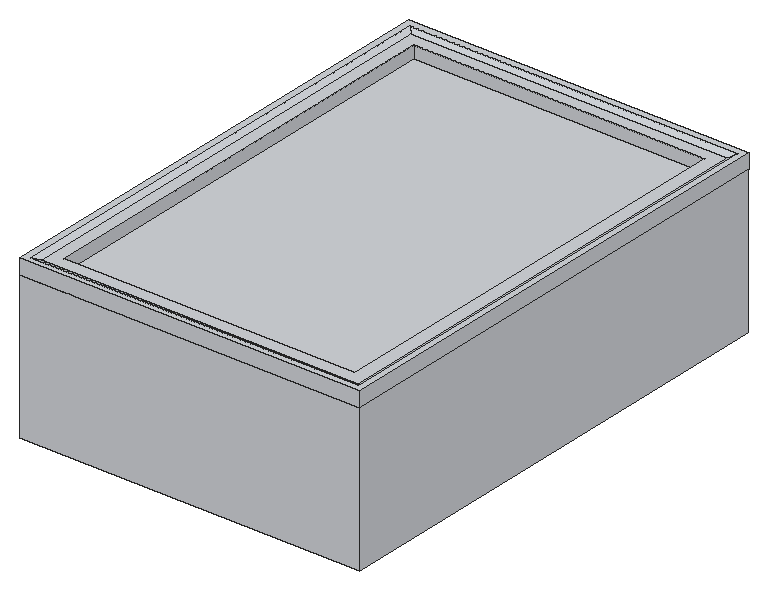
Revit family "5ff32dd08a9a4e3a9eee71a1dc9530ed", category Generic Models, host Face, Revit 2021
Family settings
  Host = Face
  Can host rebar = No
  Round Connector Dimension = Use Diameter
  Part Type = Normal
  Cut with Voids When Loaded = No
  Shared = Yes
  Room Calculation Point = No
Parameters (values of type "Standard")
  Trim Width = 0' - 2"
  Trim Thickness = 0' - 1 1/4"
  Trim Material [instance] = none
  Opening Width [instance] = 2' - 0"
  Opening Height [instance] = 3' - 0"
  Default Elevation = 4' - 0"
Reference planes (in)
  plane 1 "Center (Front/Back)": y = 0
  plane 2: z = 0
  plane 3 "Center (Left/Right)": x = 0
  plane 4: y = 2
  plane 5 "Left": x = -12
  plane 6 "Right": x = 12
  plane 7 "Bottom": y = -36
  plane 8: x = 14
  plane 9 "1": x = -14
  plane 10: z = 1.25
  plane 11: x = 14.5
  plane 12: x = -14.5
  plane 13: y = -18
  plane 14: z = 0.8125
  plane 15: z = 1.03125
  plane 16: x = -12.5
  plane 17: x = -13
  plane 18: x = -13.5
Forms (in)
  Extrusion 1, solid
    sketch origin (0, 0, 0) x (1, 0, 0) y (0, 1, 0)
      loop
        line (-14, 2) -> (-14, -38) -> (14, -38) -> (14, 2) -> (-14, 2)
    from 0 to -12
  Sweep 2, solid, material <- "Trim Material"
    path origin (0, 0, 0) x (1, 0, 0) y (0, 1, 0)
      loop
        line (-12, 0) -> (-12, -36) -> (12, -36) -> (12, 0) -> (-12, 0)
    profile origin (-12, -18, 0) x (1, 0, 0) y (0, 0, 1)
      loop
        line (0, 0) -> (0, 1.03125) -> (-1, 1.03125) -> (-1.5, 1.25) -> (-2, 1.25) -> (-2, 0) -> (0, 0)
Dimensions and locks (in)
  equal spacing: plane 5 "Left", plane 3 "Center (Left/Right)", plane 6 "Right"
  "Opening Width": plane 5 "Left" to plane 6 "Right"
  "Opening Height": plane 7 "Bottom" to plane 1 "Center (Front/Back)"
  "Trim Width": plane 9 "1" to plane 5 "Left"
  "Trim Width": plane 6 "Right" to plane 8
  "Trim Width": plane 1 "Center (Front/Back)" to plane 4
  plane 12 to plane 9 "1" = 0' - 0 1/2"
  locked: plane 8 to plane 11 at 0.5
  equal spacing: plane 7 "Bottom", plane 13, plane 1 "Center (Front/Back)"
  "Trim Thickness": plane 10 to plane 2
  plane 14 to plane 10 = 0' - 0 7/16"
  equal spacing: plane 14, plane 15, plane 10
  equal spacing: plane 5 "Left", plane 16, plane 17, plane 18, plane 9 "1"
  aligned and locked: plane 2 to Extrusion 1
  aligned and locked: level to Extrusion 1
  aligned and locked: Sweep 2 sketch curve to plane 5 "Left"  (x2)
  aligned and locked: Sweep 2 sketch curve to plane 1 "Center (Front/Back)"
  aligned and locked: Sweep 2 sketch curve to plane 6 "Right"  (x2)
  aligned and locked: plane 7 "Bottom" to Sweep 2 sketch curve
  aligned and locked: plane 10 to Sweep 2 sketch curve
  aligned and locked: plane 9 "1" to Sweep 2 sketch curve  (x2)
  aligned and locked: plane 5 "Left" to Sweep 2 sketch curve  (x2)
  aligned and locked: Sweep 2 sketch curve to plane 2
  aligned and locked: plane 17 to Sweep 2 sketch curve
  aligned and locked: Sweep 2 sketch curve to plane 15
  aligned and locked: Sweep 2 sketch curve to plane 10
  aligned and locked: plane 18 to Sweep 2 sketch curve
  aligned and locked: plane 15 to Sweep 2 sketch curve
  aligned and locked: Sweep 2 sketch curve to plane 7 "Bottom"
Automatic sketch dimensions
  Extrusion 1 sketch curve to Extrusion 1 sketch curve = 2' - 4"
  Extrusion 1 sketch curve to Extrusion 1 sketch curve = 3' - 4"
